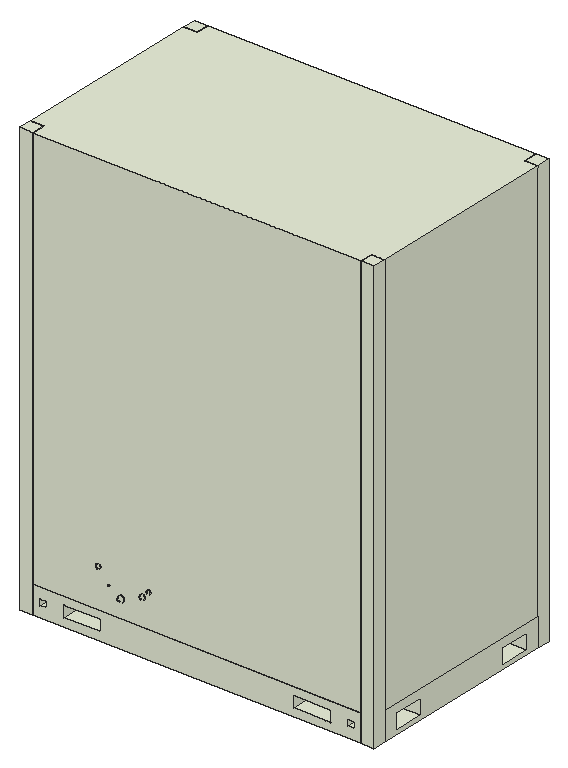
Revit family "AF5300A 56-62", category HLS-Bauteile, Revit 2017
Family settings
  Bemaßung runder Anschluss = Durchmesser verwenden
  Teiletyp = Normal
  OmniClass-Nummer = 23.75.00.00
  OmniClass-Titel = Climate Control (HVAC)
  Arbeitsebenenbasiert = Nein
  Immer vertikal = Ja
  Beim Laden mit Abzugskörper schneiden = Nein
  Gemeinsam genutzt = Nein
  Raumberechnungspunkt = Nein
Parameters (values of type "AF5300A 56-3")
  clearance access right = 1000.000 mm
  clearance access left = 1000.000 mm
  clearance access front = 1000.000 mm
  clearance access behind = 1000.000 mm
  clearance [instance] = no
  Width = 1340.000 mm
  URL = ""
  Series = "VRF"
  Power supply = "380-415V 3N~50Hz/60Hz"
  Net Weight = 344.00 kg
  Modell = "AF5300A 56-3"
  Minimum Circuit Amps = 45.9 A
  Maximum Fuse Amps = 70 A
  Hersteller = "Bosch"
  Machine material = Galvanized Steel
  Liquid pipe = 19.100 mm
  Installation = "Outdoor installation"
  Height = 1635.000 mm
  Heating Power Input = 13.800 kW
  Heating Capacity = 56.000 kW
  Gas pipe = 31.800 mm
  Gas = "R410A"
  Beschreibung = "High efficiency air cooled"
  Depth = 825.000 mm
  Cooling Power Input = 16.000 kW
  Cooling Capacity = 56.000 kW
  Condensation = "Air"
  Compressor = "2"
  Casing color = "White"
  Air Flow max = 17000.000 m³/h
Reference planes
  plane 1 "中心(前/后)": y = 0
  plane 2: z = 0
  plane 3 "中心(左/右)": x = 0
  plane 4: z = 30
  plane 5: z = 74
  plane 6: x = 405
  plane 7: x = -405
  plane 8: z = 52
  plane 9: x = 625
  plane 10: x = -715
  plane 11: y = -382
  plane 12: y = 443
Forms (mm)
  Extrusion 1, solid, material "Galvanized Steel" <- "Machine material", detail levels medium+fine
    sketch origin (0, 0, 0) x (1, 0, 0) y (0, 1, 0)
      loop
        line (0, 443) -> (-665, 443) -> (-665, 393) -> (-715, 393) -> (-715, -332) -> (-665, -332) -> (-665, -382) -> (575, -382) -> (575, -332) -> (625, -332) -> (625, 393) -> (575, 393) -> (575, 443) -> (0, 443)
    from 0 to 104
  Extrusion 2, solid, material "Galvanized Steel" <- "Machine material", detail levels medium+fine
    sketch origin (0, 0, 0) x (1, 0, 0) y (0, 1, 0)
      loop
        line (-665, 443) -> (-665, 393) -> (-715, 393) -> (-715, -332) -> (-665, -332) -> (-665, -382) -> (575, -382) -> (575, -332) -> (625, -332) -> (625, 393) -> (575, 393) -> (575, 443) -> (-665, 443)
    from 104 to 1635
  Extrusion 3, void
    sketch origin (0, 0, 0) x (0, 1, 0) y (0, 0, 1)
      loop
        line (-292, 104) -> (-292, 0) -> (292, 0) -> (292, 104) -> (-292, 104)
    from -625 to 543.074
  Extrusion 4, solid, material "Galvanized Steel" <- "Machine material", detail levels fine
    sketch origin (-656.057, -1524, 170) x (-1, 0, 0) y (0, -1, 0)
      loop
        line (-320.073, -1424) -> (-471.057, -1424) -> (-471.057, -1444) -> (-208.634, -1444) -> (-208.634, -1424) -> (-320.073, -1424)
    from -44 to 237.15
  Extrusion 5, void
    sketch origin (0, 0, 0) x (1, 0, 0) y (0, 0, 1)
      loop
        line (320, 74) -> (320, 30) -> (460, 30) -> (460, 74) -> (320, 74)
      loop
        line (525, 64) -> (525, 40) -> (550, 40) -> (550, 64) -> (525, 64)
      loop
        line (-410, 74) -> (-550, 74) -> (-550, 30) -> (-410, 30) -> (-410, 74)
      loop
        line (-615, 64) -> (-640, 64) -> (-640, 40) -> (-615, 40) -> (-615, 64)
    from -443 to 382
  Sweep 6, solid, material "Galvanized Steel" <- "Machine material", detail levels fine
    path origin (0, 0, 0) x (0, 1, 0) y (0, 0, 1)
      loop
        line (-382, 170) -> (-165, 170)
        arc (-165, 170) -> (-147.322, 177.322) -> (-140, 195) r 25
        line (-140, 195) -> (-140, 365)
    profile origin (0, -273.5, 170) x (0, 0, 1) y (1, 0, 0)
      loop
        circle (0, -335) r 14.3
      loop
        circle (0, -335) r 10
  Sweep 7, solid, material "Galvanized Steel" <- "Machine material", detail levels fine
    path origin (-45, 0, 30) x (0, 1, 0) y (0, 0, 1)
      loop
        line (-382, 170) -> (-165, 170)
        arc (-165, 170) -> (-147.322, 177.322) -> (-140, 195) r 25
        line (-140, 195) -> (-140, 280)
    profile origin (-45, -273.5, 200) x (0, 0, 1) y (1, 0, 0)
      loop
        circle (0, -335) r 3
      loop
        circle (0, -335) r 2.031
  Sweep 8, solid, material "Galvanized Steel" <- "Machine material", detail levels fine
    path origin (-85, 0, 80) x (0, 1, 0) y (0, 0, 1)
      loop
        line (-382, 170) -> (-165, 170)
        arc (-165, 170) -> (-147.322, 177.322) -> (-140, 195) r 25
        line (-140, 195) -> (-140, 365)
    profile origin (-85, -273.5, 250) x (0, 0, 1) y (1, 0, 0)
      loop
        circle (0, -335) r 9.55
      loop
        circle (0, -335) r 7.972
  Sweep 9, solid, material "Galvanized Steel" <- "Machine material", detail levels fine
    path origin (81.434, 0, 35) x (0, 1, 0) y (0, 0, 1)
      loop
        line (-382, 170) -> (-165, 170)
        arc (-165, 170) -> (-147.322, 177.322) -> (-140, 195) r 25
        line (-140, 195) -> (-140, 365)
    profile origin (81.434, -273.5, 205) x (0, 0, 1) y (1, 0, 0)
      loop
        circle (0, -335) r 11.1
      loop
        circle (0, -335) r 7.972
  Sweep 10, solid, material "Galvanized Steel" <- "Machine material", detail levels fine
    path origin (105.511, 0, 60) x (0, 1, 0) y (0, 0, 1)
      loop
        line (-382, 170) -> (-165, 170)
        arc (-165, 170) -> (-147.322, 177.322) -> (-140, 195) r 25
        line (-140, 195) -> (-140, 365)
    profile origin (105.511, -273.5, 230) x (0, 0, 1) y (1, 0, 0)
      loop
        circle (0, -335) r 7.95
      loop
        circle (0, -335) r 5
  Extrusion 11, solid, detail levels fine
    sketch origin (0, 0, 0) x (0, 1, 0) y (0, 0, 1)
      loop
        circle (0, 226) r 10
    from -715 to -556.994
  Extrusion 12, void
    sketch origin (-715, -382, 0) x (0, -1, 0) y (0, 0, -1)
      loop
        line (-724, -75) -> (-604, -75) -> (-604, -15) -> (-724, -15) -> (-724, -75)
      loop
        line (-101, -75) -> (-101, -15) -> (-221, -15) -> (-221, -75) -> (-101, -75)
    from 0 to 1340
  Extrusion 13, solid, material "Galvanized Steel" <- "Machine material", detail levels medium+fine
    sketch origin (-656.057, -1524, 170) x (-1, 0, 0) y (0, -1, 0)
      loop
        line (8.943, -1917) -> (8.943, -1967) -> (58.943, -1967) -> (58.943, -1917) -> (8.943, -1917)
      loop
        line (-1281.057, -1917) -> (-1281.057, -1967) -> (-1231.057, -1967) -> (-1231.057, -1917) -> (-1281.057, -1917)
      loop
        line (-1281.057, -1142) -> (-1281.057, -1192) -> (-1231.057, -1192) -> (-1231.057, -1142) -> (-1281.057, -1142)
      loop
        line (8.943, -1142) -> (8.943, -1192) -> (58.943, -1192) -> (58.943, -1142) -> (8.943, -1142)
    from -170 to 1465
Cuts and joins
  Extrusion 3, Extrusion 5, Extrusion 12 cuts Extrusion 1
  Extrusion 3 cuts Extrusion 2
Lines and regions (mm)
  model lines, detail levels fine
    curve 1: circle (217.5, 2, 1635) r 200 normal (0, 0, 1)
    curve 2: circle (217.5, 2, 1635) r 160 normal (0, 0, 1)
    curve 3: circle (217.5, 2, 1635) r 120 normal (0, 0, 1)
    curve 4: circle (217.5, 2, 1635) r 80 normal (0, 0, 1)
    curve 5: circle (217.5, 2, 1635) r 40 normal (0, 0, 1)
    curve 6: circle (-402.5, 2, 1635) r 200 normal (0, 0, 1)
    curve 7: circle (-402.5, 2, 1635) r 160 normal (0, 0, 1)
    curve 8: circle (-402.5, 2, 1635) r 120 normal (0, 0, 1)
    curve 9: circle (-402.5, 2, 1635) r 80 normal (0, 0, 1)
    curve 10: circle (-402.5, 2, 1635) r 40 normal (0, 0, 1)
    curve 11: circle (217.5, 2, 1635) r 245.734 normal (0, 0, 1)
    curve 12: circle (-402.5, 2, 1635) r 240 normal (0, 0, 1)
    curve 13: arc (-402.5, 2, 1635) -> (-282.5, 122, 1635) -> (-402.5, 242, 1635) r 120
    curve 14: arc (-402.5, 2, 1635) -> (-282.5, -118, 1635) -> (-162.5, 2, 1635) r 120
    curve 15: arc (-402.5, 2, 1635) -> (-522.5, -118, 1635) -> (-402.5, -238, 1635) r 120
    curve 16: arc (-402.5, 2, 1635) -> (-522.5, 122, 1635) -> (-642.5, 2, 1635) r 120
    curve 29: line (-665, -382, 845) -> (575, -382, 845)
    curve 30: arc (217.5, 2, 1635) -> (337.5, 122, 1635) -> (217.5, 242, 1635) r 120
    curve 31: arc (217.5, 2, 1635) -> (337.5, -118, 1635) -> (457.5, 2, 1635) r 120
    curve 32: arc (217.5, 2, 1635) -> (97.5, -118, 1635) -> (217.5, -238, 1635) r 120
    curve 33: arc (217.5, 2, 1635) -> (97.5, 122, 1635) -> (-22.5, 2, 1635) r 120
    curve 34: line (-715, 342, 1236) -> (-715, 302, 1236)
    curve 35: line (-715, 302, 1236) -> (-715, 302, 1036)
    curve 36: line (-715, 302, 1036) -> (-715, 342, 1036)
    curve 37: line (-715, 342, 1036) -> (-715, 342, 1236)
    curve 38: line (-715, 342, 961) -> (-715, 302, 961)
    curve 39: line (-715, 302, 961) -> (-715, 302, 761)
    curve 40: line (-715, 302, 761) -> (-715, 342, 761)
    curve 41: line (-715, 342, 761) -> (-715, 342, 961)
    curve 42: line (-715, 342, 706) -> (-715, 302, 706)
    curve 43: line (-715, 302, 706) -> (-715, 302, 506)
    curve 44: line (-715, 302, 506) -> (-715, 342, 506)
    curve 45: line (-715, 342, 506) -> (-715, 342, 706)
    curve 46: line (-715, 342, 436) -> (-715, 302, 436)
    curve 47: line (-715, 302, 436) -> (-715, 302, 236)
    curve 48: line (-715, 302, 236) -> (-715, 342, 236)
    curve 49: line (-715, 342, 236) -> (-715, 342, 436)
    curve 50: line (-715, 272, 1226) -> (-715, 92, 1226)
    curve 51: line (-715, 92, 1226) -> (-715, 35.431, 1169.431)
    curve 52: line (-715, 272, 1226) -> (-715, 215.431, 1169.431)
    curve 53: line (-715, 215.431, 1169.431) -> (-715, 35.431, 1169.431)
    curve 54: line (-715, -8, 1226) -> (-715, -188, 1226)
    curve 55: line (-715, -188, 1226) -> (-715, -244.569, 1169.431)
    curve 56: line (-715, -8, 1226) -> (-715, -64.569, 1169.431)
    curve 57: line (-715, -64.569, 1169.431) -> (-715, -244.569, 1169.431)
    curve 58: line (-715, 272, 1106) -> (-715, 92, 1106)
    curve 59: line (-715, 92, 1106) -> (-715, 35.431, 1049.431)
    curve 60: line (-715, 272, 1106) -> (-715, 215.431, 1049.431)
    curve 61: line (-715, 215.431, 1049.431) -> (-715, 35.431, 1049.431)
    curve 62: line (-715, -8, 1106) -> (-715, -188, 1106)
    curve 63: line (-715, -188, 1106) -> (-715, -244.569, 1049.431)
    curve 64: line (-715, -8, 1106) -> (-715, -64.569, 1049.431)
    curve 65: line (-715, -64.569, 1049.431) -> (-715, -244.569, 1049.431)
    curve 66: line (-715, 272, 986) -> (-715, 92, 986)
    curve 67: line (-715, 92, 986) -> (-715, 35.431, 929.431)
    curve 68: line (-715, 272, 986) -> (-715, 215.431, 929.431)
    curve 69: line (-715, 215.431, 929.431) -> (-715, 35.431, 929.431)
    curve 70: line (-715, -8, 986) -> (-715, -188, 986)
    curve 71: line (-715, -188, 986) -> (-715, -244.569, 929.431)
    curve 72: line (-715, -8, 986) -> (-715, -64.569, 929.431)
    curve 73: line (-715, -64.569, 929.431) -> (-715, -244.569, 929.431)
    curve 74: line (-715, 272, 866) -> (-715, 92, 866)
    curve 75: line (-715, 92, 866) -> (-715, 35.431, 809.431)
    curve 76: line (-715, 272, 866) -> (-715, 215.431, 809.431)
    curve 77: line (-715, 215.431, 809.431) -> (-715, 35.431, 809.431)
    curve 78: line (-715, -8, 866) -> (-715, -188, 866)
    curve 79: line (-715, -188, 866) -> (-715, -244.569, 809.431)
    curve 80: line (-715, -8, 866) -> (-715, -64.569, 809.431)
    curve 81: line (-715, -64.569, 809.431) -> (-715, -244.569, 809.431)
    curve 82: line (-715, 272, 746) -> (-715, 92, 746)
    curve 83: line (-715, 92, 746) -> (-715, 35.431, 689.431)
    curve 84: line (-715, 272, 746) -> (-715, 215.431, 689.431)
    curve 85: line (-715, 215.431, 689.431) -> (-715, 35.431, 689.431)
    curve 86: line (-715, -8, 746) -> (-715, -188, 746)
    curve 87: line (-715, -188, 746) -> (-715, -244.569, 689.431)
    curve 88: line (-715, -8, 746) -> (-715, -64.569, 689.431)
    curve 89: line (-715, -64.569, 689.431) -> (-715, -244.569, 689.431)
    curve 90: line (-715, 272, 626) -> (-715, 92, 626)
    curve 91: line (-715, 92, 626) -> (-715, 35.431, 569.431)
    curve 92: line (-715, 272, 626) -> (-715, 215.431, 569.431)
    curve 93: line (-715, 215.431, 569.431) -> (-715, 35.431, 569.431)
    curve 94: line (-715, -8, 626) -> (-715, -188, 626)
    curve 95: line (-715, -188, 626) -> (-715, -244.569, 569.431)
    curve 96: line (-715, -8, 626) -> (-715, -64.569, 569.431)
    curve 97: line (-715, -64.569, 569.431) -> (-715, -244.569, 569.431)
    curve 98: line (-715, 272, 506) -> (-715, 92, 506)
    curve 99: line (-715, 92, 506) -> (-715, 35.431, 449.431)
    curve 100: line (-715, 272, 506) -> (-715, 215.431, 449.431)
    curve 101: line (-715, 215.431, 449.431) -> (-715, 35.431, 449.431)
    curve 102: line (-715, -8, 506) -> (-715, -188, 506)
    curve 103: line (-715, -188, 506) -> (-715, -244.569, 449.431)
    curve 104: line (-715, -8, 506) -> (-715, -64.569, 449.431)
    curve 105: line (-715, -64.569, 449.431) -> (-715, -244.569, 449.431)
    curve 106: line (-715, 272, 386) -> (-715, 92, 386)
    curve 107: line (-715, 92, 386) -> (-715, 35.431, 329.431)
    curve 108: line (-715, 272, 386) -> (-715, 215.431, 329.431)
    curve 109: line (-715, 215.431, 329.431) -> (-715, 35.431, 329.431)
    curve 110: line (-715, -8, 386) -> (-715, -188, 386)
    curve 111: line (-715, -188, 386) -> (-715, -244.569, 329.431)
    curve 112: line (-715, -8, 386) -> (-715, -64.569, 329.431)
    curve 113: line (-715, -64.569, 329.431) -> (-715, -244.569, 329.431)
    curve 114: line (-715, 272, 266) -> (-715, 92, 266)
    curve 115: line (-715, 92, 266) -> (-715, 35.431, 209.431)
    curve 116: line (-715, 272, 266) -> (-715, 215.431, 209.431)
    curve 117: line (-715, 215.431, 209.431) -> (-715, 35.431, 209.431)
    curve 118: line (-715, -8, 266) -> (-715, -188, 266)
    curve 119: line (-715, -188, 266) -> (-715, -244.569, 209.431)
    curve 120: line (-715, -8, 266) -> (-715, -64.569, 209.431)
    curve 121: line (-715, -64.569, 209.431) -> (-715, -244.569, 209.431)
    curve 122: line (625, 342, 1236) -> (625, 302, 1236)
    curve 123: line (625, 302, 1236) -> (625, 302, 1036)
    curve 124: line (625, 302, 1036) -> (625, 342, 1036)
    curve 125: line (625, 342, 1036) -> (625, 342, 1236)
    curve 126: line (625, 342, 961) -> (625, 302, 961)
    curve 127: line (625, 302, 961) -> (625, 302, 761)
    curve 128: line (625, 302, 761) -> (625, 342, 761)
    curve 129: line (625, 342, 761) -> (625, 342, 961)
    curve 130: line (625, 342, 706) -> (625, 302, 706)
    curve 131: line (625, 302, 706) -> (625, 302, 506)
    curve 132: line (625, 302, 506) -> (625, 342, 506)
    curve 133: line (625, 342, 506) -> (625, 342, 706)
    curve 134: line (625, 342, 436) -> (625, 302, 436)
    curve 135: line (625, 302, 436) -> (625, 302, 236)
    curve 136: line (625, 302, 236) -> (625, 342, 236)
    curve 137: line (625, 342, 236) -> (625, 342, 436)
    curve 138: line (625, 272, 1226) -> (625, 92, 1226)
    curve 139: line (625, 92, 1226) -> (625, 35.431, 1169.431)
    curve 140: line (625, 272, 1226) -> (625, 215.431, 1169.431)
    curve 141: line (625, 215.431, 1169.431) -> (625, 35.431, 1169.431)
    curve 142: line (625, -8, 1226) -> (625, -188, 1226)
    curve 143: line (625, -188, 1226) -> (625, -244.569, 1169.431)
    curve 144: line (625, -8, 1226) -> (625, -64.569, 1169.431)
    curve 145: line (625, -64.569, 1169.431) -> (625, -244.569, 1169.431)
    curve 146: line (625, 272, 1106) -> (625, 92, 1106)
    curve 147: line (625, 92, 1106) -> (625, 35.431, 1049.431)
    curve 148: line (625, 272, 1106) -> (625, 215.431, 1049.431)
    curve 149: line (625, 215.431, 1049.431) -> (625, 35.431, 1049.431)
    curve 150: line (625, -8, 1106) -> (625, -188, 1106)
    curve 151: line (625, -188, 1106) -> (625, -244.569, 1049.431)
    curve 152: line (625, -8, 1106) -> (625, -64.569, 1049.431)
    curve 153: line (625, -64.569, 1049.431) -> (625, -244.569, 1049.431)
    curve 154: line (625, 272, 986) -> (625, 92, 986)
    curve 155: line (625, 92, 986) -> (625, 35.431, 929.431)
    curve 156: line (625, 272, 986) -> (625, 215.431, 929.431)
    curve 157: line (625, 215.431, 929.431) -> (625, 35.431, 929.431)
    curve 158: line (625, -8, 986) -> (625, -188, 986)
    curve 159: line (625, -188, 986) -> (625, -244.569, 929.431)
    curve 160: line (625, -8, 986) -> (625, -64.569, 929.431)
    curve 161: line (625, -64.569, 929.431) -> (625, -244.569, 929.431)
    curve 162: line (625, 272, 866) -> (625, 92, 866)
    curve 163: line (625, 92, 866) -> (625, 35.431, 809.431)
    curve 164: line (625, 272, 866) -> (625, 215.431, 809.431)
    curve 165: line (625, 215.431, 809.431) -> (625, 35.431, 809.431)
    curve 166: line (625, -8, 866) -> (625, -188, 866)
    curve 167: line (625, -188, 866) -> (625, -244.569, 809.431)
    curve 168: line (625, -8, 866) -> (625, -64.569, 809.431)
    curve 169: line (625, -64.569, 809.431) -> (625, -244.569, 809.431)
    curve 170: line (625, 272, 746) -> (625, 92, 746)
    curve 171: line (625, 92, 746) -> (625, 35.431, 689.431)
    curve 172: line (625, 272, 746) -> (625, 215.431, 689.431)
    curve 173: line (625, 215.431, 689.431) -> (625, 35.431, 689.431)
    curve 174: line (625, -8, 746) -> (625, -188, 746)
    curve 175: line (625, -188, 746) -> (625, -244.569, 689.431)
    curve 176: line (625, -8, 746) -> (625, -64.569, 689.431)
    curve 177: line (625, -64.569, 689.431) -> (625, -244.569, 689.431)
    curve 178: line (625, 272, 626) -> (625, 92, 626)
    curve 179: line (625, 92, 626) -> (625, 35.431, 569.431)
    curve 180: line (625, 272, 626) -> (625, 215.431, 569.431)
    curve 181: line (625, 215.431, 569.431) -> (625, 35.431, 569.431)
    curve 182: line (625, -8, 626) -> (625, -188, 626)
    curve 183: line (625, -188, 626) -> (625, -244.569, 569.431)
    curve 184: line (625, -8, 626) -> (625, -64.569, 569.431)
    curve 185: line (625, -64.569, 569.431) -> (625, -244.569, 569.431)
    curve 186: line (625, 272, 506) -> (625, 92, 506)
    curve 187: line (625, 92, 506) -> (625, 35.431, 449.431)
    curve 188: line (625, 272, 506) -> (625, 215.431, 449.431)
    curve 189: line (625, 215.431, 449.431) -> (625, 35.431, 449.431)
    curve 190: line (625, -8, 506) -> (625, -188, 506)
    curve 191: line (625, -188, 506) -> (625, -244.569, 449.431)
    curve 192: line (625, -8, 506) -> (625, -64.569, 449.431)
    curve 193: line (625, -64.569, 449.431) -> (625, -244.569, 449.431)
    curve 194: line (625, 272, 386) -> (625, 92, 386)
    curve 195: line (625, 92, 386) -> (625, 35.431, 329.431)
    curve 196: line (625, 272, 386) -> (625, 215.431, 329.431)
    curve 197: line (625, 215.431, 329.431) -> (625, 35.431, 329.431)
    curve 198: line (625, -8, 386) -> (625, -188, 386)
    curve 199: line (625, -188, 386) -> (625, -244.569, 329.431)
    curve 200: line (625, -8, 386) -> (625, -64.569, 329.431)
    curve 201: line (625, -64.569, 329.431) -> (625, -244.569, 329.431)
    curve 202: line (625, 272, 266) -> (625, 92, 266)
    curve 203: line (625, 92, 266) -> (625, 35.431, 209.431)
    curve 204: line (625, 272, 266) -> (625, 215.431, 209.431)
    curve 205: line (625, 215.431, 209.431) -> (625, 35.431, 209.431)
    curve 206: line (625, -8, 266) -> (625, -188, 266)
    curve 207: line (625, -188, 266) -> (625, -244.569, 209.431)
    curve 208: line (625, -8, 266) -> (625, -64.569, 209.431)
    curve 209: line (625, -64.569, 209.431) -> (625, -244.569, 209.431)
    curve 215: line (15, 443, 104) -> (15, 443, 1635)
    curve 216: line (-60, 443, 104) -> (-60, 443, 1635)
    curve 217: line (8.19, 443, 1424.362) -> (-51.81, 443, 1424.362)
    curve 218: line (-51.81, 443, 1424.362) -> (-51.81, 443, 1264.362)
    curve 219: line (8.19, 443, 1424.362) -> (8.19, 443, 1264.362)
    curve 220: line (8.19, 443, 1264.362) -> (-51.81, 443, 1264.362)
    curve 221: line (8.19, 443, 1199.362) -> (-51.81, 443, 1199.362)
    curve 222: line (-51.81, 443, 1199.362) -> (-51.81, 443, 1039.362)
    curve 223: line (8.19, 443, 1199.362) -> (8.19, 443, 1039.362)
    curve 224: line (8.19, 443, 1039.362) -> (-51.81, 443, 1039.362)
    curve 225: line (8.19, 443, 974.362) -> (-51.81, 443, 974.362)
    curve 226: line (-51.81, 443, 974.362) -> (-51.81, 443, 814.362)
    curve 227: line (8.19, 443, 974.362) -> (8.19, 443, 814.362)
    curve 228: line (8.19, 443, 814.362) -> (-51.81, 443, 814.362)
    curve 229: line (8.19, 443, 749.362) -> (-51.81, 443, 749.362)
    curve 230: line (-51.81, 443, 749.362) -> (-51.81, 443, 589.362)
    curve 231: line (8.19, 443, 749.362) -> (8.19, 443, 589.362)
    curve 232: line (8.19, 443, 589.362) -> (-51.81, 443, 589.362)
    curve 233: line (8.19, 443, 524.362) -> (-51.81, 443, 524.362)
    curve 234: line (-51.81, 443, 524.362) -> (-51.81, 443, 364.362)
    curve 235: line (8.19, 443, 524.362) -> (8.19, 443, 364.362)
    curve 236: line (8.19, 443, 364.362) -> (-51.81, 443, 364.362)
    curve 237: line (8.19, 443, 299.362) -> (-51.81, 443, 299.362)
    curve 238: line (-51.81, 443, 299.362) -> (-51.81, 443, 139.362)
    curve 239: line (8.19, 443, 299.362) -> (8.19, 443, 139.362)
    curve 240: line (8.19, 443, 139.362) -> (-51.81, 443, 139.362)
    curve 241: line (540.412, 443, 1398.082) -> (140.412, 443, 1398.082)
    curve 242: line (140.412, 443, 1398.082) -> (140.412, 443, 1188.082)
    curve 243: line (540.412, 443, 1188.082) -> (140.412, 443, 1188.082)
    curve 244: line (540.412, 443, 1398.082) -> (540.412, 443, 1188.082)
    curve 245: line (540.412, 443, 878.082) -> (140.412, 443, 878.082)
    curve 246: line (140.412, 443, 878.082) -> (140.412, 443, 668.082)
    curve 247: line (540.412, 443, 668.082) -> (140.412, 443, 668.082)
    curve 248: line (540.412, 443, 878.082) -> (540.412, 443, 668.082)
    curve 249: line (540.412, 443, 358.082) -> (140.412, 443, 358.082)
    curve 250: line (140.412, 443, 358.082) -> (140.412, 443, 148.082)
    curve 251: line (540.412, 443, 148.082) -> (140.412, 443, 148.082)
    curve 252: line (540.412, 443, 358.082) -> (540.412, 443, 148.082)
    curve 253: line (445, 443, 1434.022) -> (445, 443, 104)
    curve 254: line (235.825, 443, 1434.022) -> (235.825, 443, 104)
    curve 255: line (-622.338, 443, 1398.082) -> (-222.338, 443, 1398.082)
    curve 256: line (-222.338, 443, 1398.082) -> (-222.338, 443, 1188.082)
    curve 257: line (-622.338, 443, 1188.082) -> (-222.338, 443, 1188.082)
    curve 258: line (-622.338, 443, 1398.082) -> (-622.338, 443, 1188.082)
    curve 259: line (-622.338, 443, 878.082) -> (-222.338, 443, 878.082)
    curve 260: line (-222.338, 443, 878.082) -> (-222.338, 443, 668.082)
    curve 261: line (-622.338, 443, 668.082) -> (-222.338, 443, 668.082)
    curve 262: line (-622.338, 443, 878.082) -> (-622.338, 443, 668.082)
    curve 263: line (-622.338, 443, 358.082) -> (-222.338, 443, 358.082)
    curve 264: line (-222.338, 443, 358.082) -> (-222.338, 443, 148.082)
    curve 265: line (-622.338, 443, 148.082) -> (-222.338, 443, 148.082)
    curve 266: line (-622.338, 443, 358.082) -> (-622.338, 443, 148.082)
    curve 267: line (-526.926, 443, 1434.022) -> (-526.926, 443, 104)
    curve 268: line (-317.751, 443, 1434.022) -> (-317.751, 443, 104)
    curve 269: line (575, 443, 1434.022) -> (-665, 443, 1434.022)
  model lines
    curve 17: line (625, -382, 1635) -> (-715, -382, 1635)
    curve 18: line (-715, -382, 1635) -> (-715, 443, 1635)
    curve 19: line (-715, 443, 1635) -> (625, 443, 1635)
    curve 20: line (625, 443, 1635) -> (625, -382, 1635)
    curve 21: line (-715, 443, 0) -> (-715, -382, 0)
    curve 22: line (-715, -382, 0) -> (625, -382, 0)
    curve 23: line (625, -382, 0) -> (625, 443, 0)
    curve 24: line (625, 443, 0) -> (-715, 443, 0)
    curve 25: line (-715, 443, 1635) -> (-715, 443, 0)
    curve 26: line (-715, -382, 0) -> (-715, -382, 1635)
    curve 27: line (625, -382, 1635) -> (625, -382, 0)
    curve 28: line (625, 443, 0) -> (625, 443, 1635)
  model lines, detail levels medium+fine
    curve 210: circle (-45, -382, 1122.489) r 140 normal (0, 1, 0)
    curve 211: line (15.506, -382, 1042.871) -> (15.506, -382, 1202.107)
    curve 212: arc (15.506, -382, 1042.871) -> (65.524, -382, 1122.489) -> (15.506, -382, 1202.107) r 88.377
    curve 213: line (-105.506, -382, 1042.871) -> (-105.506, -382, 1202.107)
    curve 214: arc (-105.506, -382, 1042.871) -> (-155.524, -382, 1122.489) -> (-105.506, -382, 1202.107) r 88.377
    curve 270: line (15.506, -382, 1160) -> (-105.506, -382, 1160)
    curve 271: line (15.506, -382, 1084.978) -> (-105.506, -382, 1084.978)
Dimensions and locks
  "clearance access right": nested 2 to nested 2
  "clearance access behind": nested 3 to nested 3
  "clearance access left": nested 4 to nested 4
  "clearance access front": nested 1 to nested 1
  aligned and locked: level to plane 2
Automatic sketch dimensions
  Extrusion 3 sketch curve to level = 0.000 mm
  plane 1 "中心(前/后)" to Extrusion 3 sketch curve = 292.000 mm
  level to Extrusion 3 sketch curve = 104.000 mm
  Extrusion 3 sketch curve to plane 1 "中心(前/后)" = 292.000 mm
  Extrusion 4 sketch curve to plane 3 "中心(左/右)" = 185.000 mm
  plane 1 "中心(前/后)" to Extrusion 4 sketch curve = 80.000 mm
  Extrusion 4 sketch curve to Extrusion 4 sketch curve = 150.984 mm
  Extrusion 4 sketch curve to Extrusion 4 sketch curve = 111.439 mm
  plane 1 "中心(前/后)" to Extrusion 4 sketch curve = 100.000 mm
  plane 1 "中心(前/后)" to Sweep 6 sketch curve = 165.000 mm
  level to Sweep 6 sketch curve = 170.000 mm
  Sweep 6 sketch curve to Sweep 6 sketch curve = 25.000 mm
  Sweep 6 sketch curve to Sweep 6 sketch curve = 217.000 mm
  Sweep 6 sketch curve to Sweep 6 sketch curve = 170.000 mm
  Sweep 6 sketch curve to Sweep 6 sketch curve = 0.000 mm  (x2)
  Sweep 6 sketch curve to profile plane = 0.000 mm
  Sweep 6 sketch curve to plane 3 "中心(左/右)" = 335.000 mm
  plane 1 "中心(前/后)" to Sweep 7 sketch curve = 165.000 mm
  level to Sweep 7 sketch curve = 200.000 mm
  Sweep 7 sketch curve to Sweep 7 sketch curve = 25.000 mm
  Sweep 7 sketch curve to Sweep 7 sketch curve = 217.000 mm
  Sweep 7 sketch curve to Sweep 7 sketch curve = 85.000 mm
  Sweep 7 sketch curve to Sweep 7 sketch curve = 0.000 mm  (x2)
  Sweep 7 sketch curve to profile plane = 0.000 mm
  Sweep 7 sketch curve to profile plane = 335.000 mm
  plane 1 "中心(前/后)" to Sweep 8 sketch curve = 165.000 mm
  level to Sweep 8 sketch curve = 250.000 mm
  Sweep 8 sketch curve to Sweep 8 sketch curve = 25.000 mm
  Sweep 8 sketch curve to Sweep 8 sketch curve = 217.000 mm
  Sweep 8 sketch curve to Sweep 8 sketch curve = 170.000 mm
  Sweep 8 sketch curve to Sweep 8 sketch curve = 0.000 mm  (x2)
  Sweep 8 sketch curve to profile plane = 0.000 mm
  Sweep 8 sketch curve to profile plane = 335.000 mm
  plane 1 "中心(前/后)" to Sweep 9 sketch curve = 165.000 mm
  level to Sweep 9 sketch curve = 205.000 mm
  Sweep 9 sketch curve to Sweep 9 sketch curve = 25.000 mm
  Sweep 9 sketch curve to Sweep 9 sketch curve = 217.000 mm
  Sweep 9 sketch curve to Sweep 9 sketch curve = 170.000 mm
  Sweep 9 sketch curve to Sweep 9 sketch curve = 0.000 mm  (x2)
  Sweep 9 sketch curve to profile plane = 0.000 mm
  Sweep 9 sketch curve to profile plane = 335.000 mm
  plane 1 "中心(前/后)" to Sweep 10 sketch curve = 165.000 mm
  level to Sweep 10 sketch curve = 230.000 mm
  Sweep 10 sketch curve to Sweep 10 sketch curve = 25.000 mm
  Sweep 10 sketch curve to Sweep 10 sketch curve = 217.000 mm
  Sweep 10 sketch curve to Sweep 10 sketch curve = 170.000 mm
  Sweep 10 sketch curve to Sweep 10 sketch curve = 0.000 mm  (x2)
  Sweep 10 sketch curve to profile plane = 0.000 mm
  Sweep 10 sketch curve to profile plane = 335.000 mm
  curve 21 to Extrusion 1 = 0.000 mm  (x2)
  curve 23 to Extrusion 1 = 0.000 mm
  Extrusion 1 to curve 23 = 0.000 mm
  Extrusion 11 sketch curve to plane 1 "中心(前/后)" = 0.000 mm
  level to Extrusion 11 sketch curve = 226.000 mm
  curve 1 to curve 2 = 0.000 mm  (x4)
  curve 1 to curve 3 = 0.000 mm  (x4)
  curve 1 to curve 4 = 0.000 mm  (x4)
  curve 1 to curve 5 = 0.000 mm  (x4)
  curve 1 to curve 11 = 0.000 mm  (x4)
  curve 6 to curve 7 = 0.000 mm  (x4)
  curve 6 to curve 8 = 0.000 mm  (x4)
  curve 6 to curve 9 = 0.000 mm  (x4)
  curve 6 to curve 10 = 0.000 mm  (x4)
  curve 6 to curve 12 = 0.000 mm  (x4)
  curve 16 to curve 16 = 120.000 mm
  curve 9 to curve 14 = 0.000 mm
  curve 14 to curve 33 = 140.000 mm
  curve 33 to curve 33 = 120.000 mm
  curve 32 to curve 2 = 0.000 mm
  curve 1 to curve 31 = 120.000 mm
  curve 32 to curve 32 = 120.000 mm
  curve 15 to curve 15 = 120.000 mm
  curve 5 to curve 32 = 0.000 mm
  curve 1 to curve 30 = 120.000 mm
  level to curve 121 = 209.431 mm
  plane 1 "中心(前/后)" to curve 121 = 244.569 mm
  curve 115 to plane 1 "中心(前/后)" = 35.431 mm
  curve 115 to curve 120 = 0.000 mm
  curve 116 to curve 48 = 26.569 mm
  curve 115 to curve 114 = 56.569 mm  (x2)
  plane 1 "中心(前/后)" to curve 120 = 8.000 mm
  curve 120 to curve 120 = 56.569 mm
  curve 118 to curve 113 = 63.431 mm
  curve 114 to curve 108 = 63.431 mm
  plane 1 "中心(前/后)" to curve 111 = 188.000 mm
  curve 111 to curve 111 = 56.569 mm
  curve 107 to plane 1 "中心(前/后)" = 92.000 mm
  curve 107 to curve 107 = 56.569 mm
  curve 106 to curve 46 = 50.000 mm
  curve 106 to curve 101 = 63.431 mm
  curve 110 to curve 105 = 63.431 mm
  curve 100 to curve 98 = 56.569 mm  (x2)
  curve 46 to curve 45 = 70.000 mm
  plane 1 "中心(前/后)" to curve 104 = 8.000 mm
  curve 104 to curve 104 = 56.569 mm
  curve 91 to plane 1 "中心(前/后)" = 35.431 mm
  curve 98 to curve 91 = 63.431 mm
  plane 1 "中心(前/后)" to curve 96 = 64.569 mm
  curve 102 to curve 96 = 63.431 mm
  curve 91 to curve 90 = 56.569 mm
  plane 1 "中心(前/后)" to curve 96 = 8.000 mm
  curve 96 to curve 96 = 56.569 mm
  curve 94 to curve 89 = 63.431 mm
  curve 83 to plane 1 "中心(前/后)" = 35.431 mm
  curve 90 to curve 83 = 63.431 mm
  curve 90 to curve 42 = 80.000 mm
  curve 83 to plane 1 "中心(前/后)" = 92.000 mm
  curve 83 to curve 83 = 56.569 mm
  plane 1 "中心(前/后)" to curve 87 = 188.000 mm
  curve 87 to curve 87 = 56.569 mm
  curve 42 to curve 41 = 55.000 mm
  plane 1 "中心(前/后)" to curve 80 = 64.569 mm
  curve 86 to curve 80 = 63.431 mm
  curve 75 to plane 1 "中心(前/后)" = 35.431 mm
  curve 82 to curve 75 = 63.431 mm
  curve 76 to curve 74 = 56.569 mm
  plane 1 "中心(前/后)" to curve 80 = 8.000 mm
  curve 80 to curve 80 = 56.569 mm
  curve 78 to curve 73 = 63.431 mm
  curve 68 to plane 1 "中心(前/后)" = 215.431 mm
  curve 74 to curve 68 = 63.431 mm
  curve 74 to curve 38 = 95.000 mm
  curve 68 to plane 1 "中心(前/后)" = 272.000 mm
  curve 38 to curve 68 = 25.000 mm
  curve 71 to curve 70 = 56.569 mm
  curve 38 to curve 35 = 75.000 mm
  curve 70 to curve 65 = 63.431 mm
  curve 60 to plane 1 "中心(前/后)" = 215.431 mm
  curve 66 to curve 60 = 63.431 mm
  curve 59 to curve 58 = 56.569 mm  (x2)
  curve 64 to curve 62 = 56.569 mm
  curve 53 to plane 1 "中心(前/后)" = 35.431 mm
  curve 58 to curve 53 = 63.431 mm
  plane 1 "中心(前/后)" to curve 56 = 64.569 mm
  curve 62 to curve 56 = 63.431 mm
  curve 55 to curve 54 = 56.569 mm
  curve 51 to curve 50 = 56.569 mm  (x2)
  curve 50 to curve 35 = 10.000 mm
  curve 57 to curve 56 = 180.000 mm
  curve 63 to curve 55 = 0.000 mm
  curve 113 to curve 110 = 56.569 mm
  curve 71 to curve 63 = 0.000 mm
  curve 105 to curve 110 = 56.569 mm
  curve 79 to curve 86 = 56.569 mm
  curve 97 to curve 103 = 0.000 mm
  curve 87 to curve 86 = 56.569 mm
  curve 95 to curve 95 = 56.569 mm
  curve 103 to curve 102 = 56.569 mm
  curve 79 to curve 78 = 56.569 mm
  curve 71 to curve 71 = 56.569 mm
  curve 119 to curve 118 = 56.569 mm
  curve 63 to curve 63 = 56.569 mm
  curve 55 to curve 55 = 56.569 mm
  curve 105 to curve 102 = 56.569 mm
  curve 73 to curve 78 = 56.569 mm
  curve 62 to curve 65 = 123.431 mm
  curve 120 to curve 118 = 56.569 mm
  curve 89 to curve 94 = 56.569 mm
  curve 113 to curve 118 = 56.569 mm
  plane 1 "中心(前/后)" to curve 86 = 8.000 mm
  plane 1 "中心(前/后)" to curve 62 = 8.000 mm
  plane 1 "中心(前/后)" to curve 110 = 8.000 mm
  plane 1 "中心(前/后)" to curve 56 = 8.000 mm
  plane 1 "中心(前/后)" to curve 72 = 8.000 mm
  curve 69 to plane 1 "中心(前/后)" = 35.431 mm
  curve 107 to plane 1 "中心(前/后)" = 35.431 mm
  curve 101 to plane 1 "中心(前/后)" = 35.431 mm
  curve 61 to plane 1 "中心(前/后)" = 35.431 mm
  curve 67 to curve 67 = 56.569 mm
  curve 99 to curve 98 = 56.569 mm
  curve 75 to curve 75 = 56.569 mm
  curve 91 to curve 91 = 56.569 mm
  curve 74 to curve 77 = 123.431 mm
  curve 50 to curve 53 = 123.431 mm
  curve 114 to curve 117 = 123.431 mm
  curve 82 to curve 85 = 123.431 mm
  curve 90 to curve 92 = 123.431 mm
  curve 98 to curve 101 = 123.431 mm
  curve 106 to curve 109 = 123.431 mm
  curve 116 to curve 114 = 56.569 mm
  curve 108 to curve 108 = 56.569 mm
  curve 76 to curve 76 = 56.569 mm
  curve 52 to curve 50 = 56.569 mm
  curve 84 to curve 82 = 56.569 mm
  curve 92 to curve 92 = 56.569 mm
  curve 60 to curve 58 = 56.569 mm
  curve 82 to curve 43 = 30.000 mm
  curve 66 to curve 38 = 30.000 mm
  curve 50 to curve 35 = 30.000 mm
  curve 114 to curve 48 = 30.000 mm
  curve 43 to curve 44 = 40.000 mm
  curve 34 to curve 34 = 40.000 mm
  curve 46 to curve 46 = 40.000 mm
  curve 38 to curve 41 = 40.000 mm
  Extrusion 12 sketch curve to Extrusion 1 = 29.000 mm  (x2)
  Extrusion 12 sketch curve to Extrusion 1 = 15.000 mm  (x2)
  Extrusion 12 sketch curve to Extrusion 12 sketch curve = 120.000 mm
  Extrusion 5 sketch curve to plane 5 = 0.000 mm  (x2)
  Extrusion 5 sketch curve to plane 4 = 0.000 mm  (x2)
  Extrusion 5 sketch curve to plane 5 = 10.000 mm  (x2)
  Extrusion 5 sketch curve to plane 10 = 75.000 mm
  plane 4 to Extrusion 5 sketch curve = 10.000 mm  (x2)
  Extrusion 5 sketch curve to Extrusion 5 sketch curve = 25.000 mm  (x2)
  Extrusion 5 sketch curve to Extrusion 5 sketch curve = 65.000 mm  (x2)
  Extrusion 5 sketch curve to plane 7 = 5.000 mm
  Extrusion 5 sketch curve to plane 6 = 85.000 mm
  plane 6 to Extrusion 5 sketch curve = 55.000 mm
  level to curve 209 = 209.431 mm
  curve 122 to plane 1 "中心(前/后)" = 342.000 mm
  curve 203 to plane 1 "中心(前/后)" = 35.431 mm
  curve 208 to curve 203 = 0.000 mm
  curve 205 to curve 136 = 26.569 mm
  curve 205 to curve 202 = 56.569 mm
  plane 1 "中心(前/后)" to curve 208 = 8.000 mm
  curve 203 to curve 208 = 56.569 mm
  curve 206 to curve 201 = 63.431 mm
  curve 202 to curve 196 = 63.431 mm
  plane 1 "中心(前/后)" to curve 199 = 188.000 mm
  curve 201 to curve 199 = 56.569 mm
  curve 195 to plane 1 "中心(前/后)" = 92.000 mm
  curve 197 to curve 195 = 56.569 mm
  curve 194 to curve 134 = 50.000 mm
  curve 194 to curve 189 = 63.431 mm
  curve 198 to curve 193 = 63.431 mm
  curve 134 to curve 186 = 70.000 mm
  curve 186 to curve 133 = 0.000 mm
  plane 1 "中心(前/后)" to curve 192 = 8.000 mm
  curve 187 to curve 192 = 56.569 mm
  curve 179 to plane 1 "中心(前/后)" = 35.431 mm
  curve 190 to curve 179 = 63.431 mm
  plane 1 "中心(前/后)" to curve 184 = 64.569 mm
  curve 192 to curve 184 = 63.431 mm
  curve 181 to curve 178 = 56.569 mm
  plane 1 "中心(前/后)" to curve 184 = 8.000 mm
  curve 179 to curve 184 = 56.569 mm
  curve 182 to curve 177 = 63.431 mm
  curve 171 to plane 1 "中心(前/后)" = 35.431 mm
  curve 182 to curve 171 = 63.431 mm
  curve 178 to curve 130 = 80.000 mm
  curve 171 to plane 1 "中心(前/后)" = 92.000 mm
  curve 173 to curve 171 = 56.569 mm
  plane 1 "中心(前/后)" to curve 175 = 188.000 mm
  curve 177 to curve 175 = 56.569 mm
  curve 130 to curve 129 = 55.000 mm
  plane 1 "中心(前/后)" to curve 168 = 64.569 mm
  curve 174 to curve 168 = 63.431 mm
  curve 163 to plane 1 "中心(前/后)" = 35.431 mm
  curve 174 to curve 163 = 63.431 mm
  curve 164 to curve 162 = 56.569 mm
  plane 1 "中心(前/后)" to curve 168 = 8.000 mm
  curve 163 to curve 168 = 56.569 mm
  curve 166 to curve 161 = 63.431 mm
  curve 156 to plane 1 "中心(前/后)" = 215.431 mm
  curve 162 to curve 156 = 63.431 mm
  curve 162 to curve 126 = 95.000 mm
  curve 156 to plane 1 "中心(前/后)" = 272.000 mm
  curve 126 to curve 156 = 25.000 mm
  curve 161 to curve 158 = 56.569 mm
  curve 154 to curve 123 = 50.000 mm
  curve 158 to curve 153 = 63.431 mm
  curve 148 to plane 1 "中心(前/后)" = 215.431 mm
  curve 154 to curve 148 = 63.431 mm
  curve 149 to curve 146 = 56.569 mm
  plane 1 "中心(前/后)" to curve 150 = 8.000 mm
  curve 147 to curve 150 = 56.569 mm
  curve 141 to plane 1 "中心(前/后)" = 35.431 mm
  curve 150 to curve 141 = 63.431 mm
  plane 1 "中心(前/后)" to curve 144 = 64.569 mm
  curve 150 to curve 144 = 63.431 mm
  curve 145 to curve 142 = 56.569 mm
  curve 141 to curve 138 = 56.569 mm
  curve 138 to curve 123 = 10.000 mm
  curve 137 to curve 194 = 250.000 mm
  curve 133 to curve 170 = 250.000 mm
  curve 126 to curve 154 = 70.000 mm
  curve 128 to curve 127 = 40.000 mm
  curve 130 to curve 130 = 40.000 mm
  curve 124 to curve 124 = 40.000 mm
  curve 134 to curve 134 = 40.000 mm
  curve 122 to curve 138 = 30.000 mm
  curve 164 to curve 156 = 56.569 mm
  curve 131 to curve 188 = 30.000 mm
  curve 127 to curve 170 = 30.000 mm
  curve 130 to curve 180 = 30.000 mm
  curve 135 to curve 202 = 30.000 mm
  curve 134 to curve 194 = 30.000 mm
  curve 123 to curve 146 = 30.000 mm
  curve 138 to curve 141 = 56.569 mm
  curve 162 to curve 165 = 56.569 mm  (x2)
  curve 186 to curve 188 = 56.569 mm
  curve 202 to curve 204 = 56.569 mm
  curve 194 to curve 196 = 56.569 mm
  curve 178 to curve 181 = 56.569 mm
  curve 170 to curve 173 = 56.569 mm
  curve 155 to plane 1 "中心(前/后)" = 92.000 mm
  curve 179 to curve 181 = 56.569 mm
  curve 202 to curve 205 = 56.569 mm
  curve 187 to curve 181 = 56.569 mm
  curve 146 to curve 141 = 56.569 mm
  curve 139 to curve 141 = 56.569 mm
  curve 189 to plane 1 "中心(前/后)" = 35.431 mm
  curve 197 to plane 1 "中心(前/后)" = 35.431 mm
  curve 147 to plane 1 "中心(前/后)" = 35.431 mm
  curve 157 to plane 1 "中心(前/后)" = 35.431 mm
  plane 1 "中心(前/后)" to curve 158 = 8.000 mm
  plane 1 "中心(前/后)" to curve 176 = 8.000 mm
  plane 1 "中心(前/后)" to curve 144 = 8.000 mm
  plane 1 "中心(前/后)" to curve 198 = 8.000 mm
  plane 1 "中心(前/后)" to curve 200 = 64.569 mm
  plane 1 "中心(前/后)" to curve 209 = 64.569 mm
  plane 1 "中心(前/后)" to curve 177 = 64.569 mm
  plane 1 "中心(前/后)" to curve 152 = 64.569 mm
  plane 1 "中心(前/后)" to curve 161 = 64.569 mm
  plane 1 "中心(前/后)" to curve 193 = 64.569 mm
  curve 160 to curve 158 = 123.431 mm
  curve 191 to curve 198 = 0.000 mm
  curve 207 to curve 198 = 0.000 mm
  curve 166 to curve 158 = 0.000 mm
  curve 151 to curve 158 = 0.000 mm
  curve 182 to curve 174 = 0.000 mm
  curve 143 to curve 150 = 0.000 mm
  curve 198 to curve 199 = 56.569 mm
  curve 190 to curve 193 = 56.569 mm
  curve 182 to curve 185 = 56.569 mm
  curve 174 to curve 177 = 56.569 mm
  curve 166 to curve 169 = 56.569 mm
  curve 158 to curve 161 = 56.569 mm
  curve 150 to curve 153 = 56.569 mm
  curve 206 to curve 207 = 56.569 mm
  curve 142 to curve 145 = 56.569 mm
  curve 27 to curve 28 = 0.000 mm  (x2)
  curve 2 to curve 3 = 0.000 mm  (x2)
  curve 2 to curve 4 = 0.000 mm  (x2)
  curve 2 to curve 5 = 0.000 mm  (x2)
  curve 2 to curve 11 = 0.000 mm  (x2)
  curve 3 to curve 4 = 0.000 mm  (x2)
  curve 3 to curve 5 = 0.000 mm  (x2)
  curve 3 to curve 11 = 0.000 mm  (x2)
  curve 4 to curve 5 = 0.000 mm  (x2)
  curve 4 to curve 11 = 0.000 mm  (x2)
  curve 5 to curve 11 = 0.000 mm  (x2)
  curve 7 to curve 8 = 0.000 mm  (x2)
  curve 7 to curve 9 = 0.000 mm  (x2)
  curve 7 to curve 10 = 0.000 mm  (x2)
  curve 7 to curve 12 = 0.000 mm  (x2)
  curve 8 to curve 9 = 0.000 mm  (x2)
  curve 8 to curve 10 = 0.000 mm  (x2)
  curve 8 to curve 12 = 0.000 mm  (x2)
  curve 9 to curve 10 = 0.000 mm  (x2)
  curve 9 to curve 12 = 0.000 mm  (x2)
  curve 10 to curve 12 = 0.000 mm  (x2)
  curve 18 to plane 10 = 0.000 mm
  curve 17 to plane 9 = 0.000 mm
  curve 20 to plane 11 = 0.000 mm
  plane 12 to curve 19 = 0.000 mm
  curve 16 to plane 1 "中心(前/后)" = 2.000 mm
  curve 16 to plane 10 = 72.500 mm
  plane 11 to curve 32 = 144.000 mm
  curve 28 to level = 0.000 mm
  curve 28 to plane 12 = 0.000 mm
  curve 27 to plane 11 = 0.000 mm
  level to curve 27 = 1635.000 mm
  plane 3 "中心(左/右)" to curve 211 = 15.506 mm
  level to curve 211 = 1042.871 mm
  curve 213 to plane 3 "中心(左/右)" = 105.506 mm
  curve 213 to curve 211 = 0.000 mm
  curve 212 to curve 211 = 159.236 mm
  curve 212 to curve 213 = 79.618 mm
  curve 212 to curve 271 = 42.107 mm
  curve 210 to curve 212 = 0.000 mm
  curve 270 to curve 214 = 42.107 mm
  curve 270 to curve 214 = 38.359 mm
  curve 214 to curve 210 = 22.147 mm
  curve 210 to curve 212 = 22.147 mm
  Extrusion 2 sketch curve to plane 10 = 0.000 mm
  Extrusion 2 sketch curve to plane 11 = 0.000 mm
  plane 12 to Extrusion 2 sketch curve = 0.000 mm
  Extrusion 2 sketch curve to plane 9 = 0.000 mm
  plane 11 to Extrusion 2 sketch curve = 50.000 mm  (x2)
  Extrusion 2 sketch curve to plane 10 = 50.000 mm
  Extrusion 2 sketch curve to Extrusion 2 sketch curve = 50.000 mm  (x3)
  plane 12 to Extrusion 2 sketch curve = 50.000 mm  (x2)
  Extrusion 1 sketch curve to plane 11 = 0.000 mm
  plane 12 to Extrusion 1 sketch curve = 0.000 mm
  Extrusion 1 sketch curve to plane 3 "中心(左/右)" = 0.000 mm
  Extrusion 1 sketch curve to plane 9 = 0.000 mm
  plane 11 to Extrusion 1 sketch curve = 50.000 mm  (x2)
  Extrusion 1 sketch curve to plane 10 = 0.000 mm
  Extrusion 1 sketch curve to Extrusion 1 sketch curve = 50.000 mm  (x4)
  Extrusion 1 sketch curve to plane 10 = 50.000 mm
  plane 9 to Extrusion 1 sketch curve = 50.000 mm
  Extrusion 1 to Extrusion 12 sketch curve = 51.000 mm  (x2)
  Extrusion 1 to Extrusion 12 sketch curve = 171.000 mm
  Extrusion 13 sketch curve to plane 9 = 0.000 mm  (x2)
  Extrusion 13 sketch curve to plane 11 = 0.000 mm  (x2)
  plane 12 to Extrusion 13 sketch curve = 0.000 mm  (x2)
  plane 10 to Extrusion 13 sketch curve = 0.000 mm
  Extrusion 13 sketch curve to plane 10 = 0.000 mm
  plane 12 to Extrusion 13 sketch curve = 50.000 mm  (x2)
  Extrusion 13 sketch curve to Extrusion 13 sketch curve = 50.000 mm  (x2)
  plane 9 to Extrusion 13 sketch curve = 50.000 mm
  Extrusion 13 sketch curve to plane 10 = 50.000 mm  (x2)
  plane 11 to Extrusion 13 sketch curve = 50.000 mm
  curve 240 to plane 3 "中心(左/右)" = 51.810 mm
  level to curve 240 = 139.362 mm
  plane 9 to curve 241 = 84.588 mm
  curve 239 to curve 251 = 8.720 mm
  level to curve 266 = 148.082 mm
  plane 3 "中心(左/右)" to curve 237 = 8.190 mm
  curve 239 to curve 237 = 160.000 mm
  plane 9 to curve 252 = 84.588 mm
  curve 251 to curve 252 = 210.000 mm
  curve 237 to curve 263 = 58.720 mm
  curve 237 to curve 236 = 65.000 mm
  curve 234 to plane 3 "中心(左/右)" = 51.810 mm
  curve 234 to curve 234 = 160.000 mm
  curve 233 to curve 230 = 65.000 mm
  curve 262 to plane 10 = 92.662 mm
  curve 263 to curve 262 = 310.000 mm
  plane 9 to curve 248 = 84.588 mm
  curve 249 to curve 248 = 310.000 mm
  curve 229 to plane 3 "中心(左/右)" = 51.810 mm
  curve 230 to curve 229 = 160.000 mm
  curve 229 to curve 226 = 65.000 mm
  curve 226 to curve 259 = 63.720 mm
  curve 227 to curve 245 = 63.720 mm
  plane 3 "中心(左/右)" to curve 225 = 8.190 mm
  curve 227 to curve 225 = 160.000 mm
  plane 3 "中心(左/右)" to curve 223 = 8.190 mm
  curve 225 to curve 223 = 65.000 mm
  curve 258 to plane 10 = 92.662 mm
  curve 259 to curve 258 = 310.000 mm
  curve 245 to curve 244 = 310.000 mm
  curve 221 to plane 3 "中心(左/右)" = 51.810 mm
  curve 222 to curve 221 = 160.000 mm
  curve 221 to curve 218 = 65.000 mm
  curve 257 to curve 255 = 210.000 mm
  curve 243 to curve 244 = 210.000 mm
  plane 3 "中心(左/右)" to curve 219 = 8.190 mm
  curve 241 to curve 219 = 26.280 mm
  plane 3 "中心(左/右)" to curve 215 = 15.000 mm
  curve 215 to curve 239 = 35.362 mm
  level to curve 253 = 104.000 mm
  curve 216 to curve 238 = 35.362 mm
  level to curve 268 = 104.000 mm
  level to curve 267 = 104.000 mm
  level to curve 254 = 104.000 mm
  curve 241 to curve 253 = 35.940 mm
  curve 217 to curve 215 = 210.638 mm
  curve 216 to curve 215 = 0.000 mm
  plane 3 "中心(左/右)" to curve 246 = 140.412 mm
  plane 3 "中心(左/右)" to curve 249 = 140.412 mm
  curve 243 to curve 221 = 132.222 mm
  plane 3 "中心(左/右)" to curve 229 = 8.190 mm
  plane 3 "中心(左/右)" to curve 235 = 8.190 mm
  curve 226 to plane 3 "中心(左/右)" = 51.810 mm
  curve 220 to plane 3 "中心(左/右)" = 51.810 mm
  curve 221 to curve 256 = 170.528 mm
  curve 230 to curve 260 = 170.528 mm
  curve 238 to curve 265 = 170.528 mm
  curve 266 to plane 10 = 92.662 mm
  curve 269 to curve 241 = 34.588 mm
  curve 251 to curve 253 = 95.412 mm
  curve 254 to curve 241 = 95.412 mm
  curve 238 to curve 216 = 8.190 mm
  curve 255 to curve 268 = 95.412 mm
  curve 267 to curve 265 = 95.412 mm
  curve 269 to plane 10 = 50.000 mm
  curve 29 to Extrusion 2 = 0.000 mm
  Extrusion 2 to curve 29 = 0.000 mm
  Extrusion 2 to curve 29 = 741.000 mm
  Extrusion 2 to curve 26 = 0.000 mm
  curve 25 to Extrusion 2 = 0.000 mm
  Extrusion 2 to curve 26 = 50.000 mm
  Extrusion 2 to curve 25 = 50.000 mm
  curve 26 to Extrusion 2 = 104.000 mm
  curve 25 to Extrusion 2 = 104.000 mm
  radius of Sweep 6 sketch curve = 14.300 mm
  radius of Sweep 6 sketch curve = 10.000 mm
  radius of Sweep 7 sketch curve = 3.000 mm
  radius of Sweep 7 sketch curve = 2.031 mm
  radius of Sweep 8 sketch curve = 9.550 mm
  radius of Sweep 8 sketch curve = 7.972 mm
  radius of Sweep 9 sketch curve = 11.100 mm
  radius of Sweep 9 sketch curve = 7.972 mm
  radius of Sweep 10 sketch curve = 7.950 mm
  radius of Sweep 10 sketch curve = 5.000 mm
  radius of Extrusion 11 sketch curve = 10.000 mm
  radius of curve 1 = 200.000 mm
  radius of curve 2 = 160.000 mm
  radius of curve 3 = 120.000 mm
  radius of curve 4 = 80.000 mm
  radius of curve 5 = 40.000 mm
  radius of curve 6 = 200.000 mm
  radius of curve 7 = 160.000 mm
  radius of curve 8 = 120.000 mm
  radius of curve 9 = 80.000 mm
  radius of curve 10 = 40.000 mm
  radius of curve 11 = 245.734 mm
  radius of curve 210 = 140.000 mm
Nested families
  nested 1: "Service space" at (-715, 443, 0), Height <- "Height", visible <- "clearance", type "Service  Space"
    with Width 1340.000 mm, Height 1635.000 mm, Depth 1000.000 mm
  nested 2: "Service space" at (625, -382, 0), Height <- "Height", visible <- "clearance", type "Service  Space"
    with Width 1000.000 mm, Height 1635.000 mm, Depth 825.000 mm
  nested 3: "Service space" at (-715, -1382, 0), Height <- "Height", visible <- "clearance", type "Service  Space"
    with Width 1340.000 mm, Height 1635.000 mm, Depth 1000.000 mm
  nested 4: "Service space" at (-1715, -382, 0), Height <- "Height", visible <- "clearance", type "Service  Space"
    with Width 1000.000 mm, Height 1635.000 mm, Depth 825.000 mm
  nested 5: "Icon" at (390, 21.842, -172.775), type "AF5300A 67-3"
    with clearance no, Net Weight 430.00 kg, Minimum Circuit Amps 48.4 A, Maximum Fuse Amps 70 A, Liquid pipe 19.100 mm, Heating Power Input 14.900 kW, Heating Capacity 67.000 kW, Gas pipe 31.800 mm, Cooling Power Input 18.100 kW, Cooling Capacity 67.000 kW, Air Flow 25000.000 m³/h
  nested 6: "Left icon" at (1730, 21.842, -172.775), type "AF5300A 67-3"
    with clearance no, Net Weight 430.00 kg, Minimum Circuit Amps 48.4 A, Maximum Fuse Amps 70 A, Liquid pipe 19.100 mm, Heating Power Input 14.900 kW, Heating Capacity 67.000 kW, Gas pipe 31.800 mm, Cooling Power Input 18.100 kW, Cooling Capacity 67.000 kW, Air Flow 25000.000 m³/h
Connectors
  piping at (-253.566, -382, 205), diameter 31.8, driven by "Gas pipe"
    settings: on Sweep 9, index 16, connector inside diameter 31.8 mm, connector length 0.000 mm, flow factor 0, pipe flow 0.0 L/s, pressure drop 0.0 Pa, fitting loss kfactor 0, connector angle 0.00°, fixture units 0, engagement length 0.000 mm, angle of deflection 0.00°, flow configuration 1, flow direction 0, fitting loss method 4, system type 22, joint type 0, gender type 0, connector reference index -1, connector utility 0, adjustable connector no, is connector primary yes, connector description "Gas pipe"
  piping at (-229.489, -382, 230), diameter 19.1, driven by "Liquid pipe"
    settings: on Sweep 10, index 17, connector inside diameter 19.1 mm, connector length 0.000 mm, flow factor 0, pipe flow 0.0 L/s, pressure drop 0.0 Pa, fitting loss kfactor 0, connector angle 0.00°, fixture units 0, engagement length 0.000 mm, angle of deflection 0.00°, flow configuration 1, flow direction 0, fitting loss method 4, system type 22, joint type 0, gender type 0, connector reference index -1, connector utility 0, adjustable connector no, is connector primary no, connector description "Liquid pipe"
  electrical at (-715, 0, 226)
    settings: on Extrusion 11, index 18, voltage 380 V, apparent load 0 VA, apparent load phase1 0 VA, apparent load phase2 0 VA, apparent load phase3 0 VA, power factor 1, load classification "Power", number of poles 3, system type 30, power factor state 1, is connector primary yes, connector utility no, sub classification motor no, connector description "The location of electrical connectors is not the same as the actual location because the wiring terminal is inside the unit."
Definition of nested family "Service space"
  Parameters
    Width [instance] = 500.000 mm
    Height [instance] = 500.000 mm
    Depth [instance] = 500.000 mm
  Reference planes
    plane 1 "Center (Front/Back)": y = 0
    plane 2: z = 0
    plane 3 "Center (Left/Right)": x = 0
    plane 4: z = 500
    plane 5: y = 500
    plane 6: x = 500
  Forms (mm)
    Extrusion 1, solid
      sketch origin (0, 0, 0) x (1, 0, 0) y (0, 1, 0)
        loop
          line (0, 500) -> (0, 0) -> (500, 0) -> (500, 500) -> (0, 500)
      from 0 to 500
  Dimensions and locks
    "Width": plane 3 "Center (Left/Right)" to plane 6
    "Depth": plane 5 to plane 1 "Center (Front/Back)"
    "Height": level to plane 4
    aligned and locked: level to plane 2
    aligned and locked: plane 5 to Extrusion 1
    aligned and locked: Extrusion 1 to plane 6
    aligned and locked: Extrusion 1 to plane 3 "Center (Left/Right)"
    aligned and locked: plane 1 "Center (Front/Back)" to Extrusion 1
    aligned and locked: Extrusion 1 to plane 4
  Automatic sketch dimensions
    Extrusion 1 sketch curve to plane 3 "Center (Left/Right)" = 0.000 mm
    plane 1 "Center (Front/Back)" to Extrusion 1 sketch curve = 0.000 mm
    Extrusion 1 sketch curve to plane 6 = 0.000 mm
    Extrusion 1 sketch curve to plane 5 = 0.000 mm
Definition of nested family "Icon"
  Parameters
    clearance access right = 1000.000 mm
    clearance access left = 1000.000 mm
    clearance access front = 1000.000 mm
    clearance access behind = 1000.000 mm
    clearance [instance] = no
    Width = 1730.000 mm
    URL = ""
    Series = "VRF"
    Power supply = "380-415V 3N~50Hz/60Hz"
    Net Weight = 475.00 kg
    Model = "AF5300A 90-3"
    Minimum Circuit Amps = 66.9 A
    Maximum Fuse Amps = 80 A
    Manufacturer = "Midea"
    Machine material = none
    Liquid pipe = 22.200 mm
    Installation = "Outdoor installation"
    Height = 1830.000 mm
    Heating Power Input = 25.700 kW
    Heating Capacity = 90.000 kW
    Gas pipe = 38.100 mm
    Gas = "R410A"
    Description = "High efficiency air cooled"
    Depth = 850.000 mm
    Cooling Power Input = 31.000 kW
    Cooling Capacity = 90.000 kW
    Condensation = "Air"
    Compressor = "2"
    Casing color = "White"
    Air Flow = 24000.000 m³/h
  Reference planes
    plane 1 "中心(前/后)": y = 0
    plane 2: z = 0
    plane 3 "中心(左/右)": x = 0
    plane 4: x = -1105
    plane 5: y = -382
    plane 6: y = 468
    plane 7: x = 625
  Lines and regions (mm)
    model lines, detail levels fine
      curve 1: line (-1105, 211.629, 1760.245) -> (-1105, -208.371, 1760.245)
      curve 2: line (-1105, -208.371, 1760.245) -> (-1105, -208.371, 1580.245)
      curve 3: line (-1105, -208.371, 1580.245) -> (-1105, 211.629, 1580.245)
      curve 4: line (-1105, 211.629, 1580.245) -> (-1105, 211.629, 1760.245)
    model lines, detail levels medium+fine
      curve 5: circle (-1105, 154.842, 1670.245) r 40 normal (1, 0, 0)
      curve 6: line (-1105, 174.842, 1685.245) -> (-1105, 174.842, 1655.245)
      curve 7: line (-1105, 134.842, 1685.245) -> (-1105, 134.842, 1655.245)
      curve 8: arc (-1105, 174.842, 1685.245) -> (-1105, 182.494, 1670.245) -> (-1105, 174.842, 1655.245) r 18.528
      curve 9: arc (-1105, 134.842, 1685.245) -> (-1105, 127.191, 1670.245) -> (-1105, 134.842, 1655.245) r 18.528
      curve 10: line (-1105, 174.842, 1676.154) -> (-1105, 134.842, 1676.154)
      curve 11: line (-1105, 174.842, 1664.337) -> (-1105, 134.842, 1664.337)
      curve 12: line (-1105, 83.615, 1704.381) -> (-1105, 83.615, 1652.36)
      curve 13: spline (-1105, 23.615, 1703.893) -> (-1105, 20.38, 1702.948) -> (-1105, 17.365, 1700.177) -> (-1105, 14.776, 1695.768) -> (-1105, 12.79, 1690.023) -> (-1105, 11.541, 1683.333) -> (-1105, 11.115, 1676.154) -> (-1105, 11.541, 1668.975) -> (-1105, 12.79, 1662.284) -> (-1105, 14.776, 1656.539) -> (-1105, 17.365, 1652.131) -> (-1105, 20.38, 1649.36) -> (-1105, 23.615, 1648.415) -> (-1105, 26.85, 1649.36) -> (-1105, 29.865, 1652.131) -> (-1105, 32.454, 1656.539) -> (-1105, 34.44, 1662.284) -> (-1105, 35.689, 1668.975) -> (-1105, 36.115, 1676.154) -> (-1105, 35.689, 1683.333) -> (-1105, 34.44, 1690.023) -> (-1105, 32.454, 1695.768) -> (-1105, 29.865, 1700.177) -> (-1105, 26.85, 1702.948) -> (-1105, 23.615, 1703.893)
      curve 14: arc (-1105, 58.566, 1676.082) -> (-1105, 58.133, 1650.538) -> (-1105, 83.615, 1652.36) r 17.317
      curve 15: line (-1105, 78.65, 1698.045) -> (-1105, 78.65, 1678.154)
      curve 16: line (-1105, 78.65, 1678.154) -> (-1105, 63.65, 1678.154)
      curve 17: line (-1105, 78.65, 1678.154) -> (-1105, 78.65, 1698.045)
      curve 18: spline (-1105, 78.65, 1698.045) -> (-1105, 76.01, 1699.504) -> (-1105, 73.04, 1700.185) -> (-1105, 69.94, 1700.043) -> (-1105, 66.923, 1699.087) -> (-1105, 64.194, 1697.382) -> (-1105, 61.939, 1695.045) -> (-1105, 60.312, 1692.234) -> (-1105, 59.423, 1689.142) -> (-1105, 59.333, 1685.978) -> (-1105, 60.049, 1682.959) -> (-1105, 61.521, 1680.29) -> (-1105, 63.65, 1678.154)
      curve 19: line (-1105, 79.734, 1672.298) -> (-1105, 62.565, 1672.298)
      curve 20: line (-1105, 79.734, 1672.298) -> (-1105, 79.734, 1652.298)
      curve 21: spline (-1105, 23.615, 1709.139) -> (-1105, 19.474, 1708.015) -> (-1105, 15.615, 1704.72) -> (-1105, 12.301, 1699.478) -> (-1105, 9.759, 1692.647) -> (-1105, 8.16, 1684.691) -> (-1105, 7.615, 1676.154) -> (-1105, 8.16, 1667.617) -> (-1105, 9.759, 1659.661) -> (-1105, 12.301, 1652.83) -> (-1105, 15.615, 1647.588) -> (-1105, 19.474, 1644.293) -> (-1105, 23.615, 1643.169) -> (-1105, 27.756, 1644.293) -> (-1105, 31.615, 1647.588) -> (-1105, 34.929, 1652.83) -> (-1105, 37.472, 1659.661) -> (-1105, 39.07, 1667.617) -> (-1105, 39.615, 1676.154) -> (-1105, 39.07, 1684.691) -> (-1105, 37.472, 1692.647) -> (-1105, 34.929, 1699.478) -> (-1105, 31.615, 1704.72) -> (-1105, 27.756, 1708.015) -> (-1105, 23.615, 1709.139)
      curve 22: line (-1105, -33.814, 1705.823) -> (-1105, -33.814, 1700.823)
      curve 23: line (-1105, -15.69, 1686.193) -> (-1105, -9.433, 1646.685)
      curve 24: line (-1105, -15.69, 1686.193) -> (-1105, -33.814, 1700.823)
      curve 25: line (-1105, -9.658, 1688.909) -> (-1105, -9.658, 1650.995)
      curve 26: line (-1105, -9.658, 1688.909) -> (-1105, -33.814, 1705.823)
      curve 27: line (-1105, -9.433, 1646.685) -> (-1105, -9.433, 1651.685)
      curve 28: arc (-1105, -88.467, 1703.088) -> (-1105, -58.467, 1673.088) -> (-1105, -88.467, 1643.088) r 30
